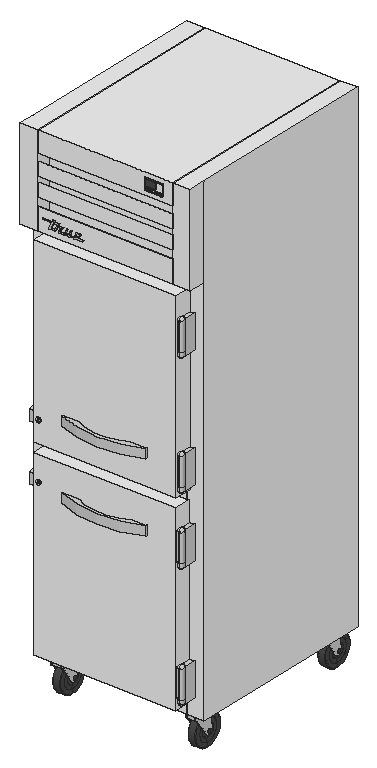
Revit family (continued)
Automatic sketch dimensions
  Revolve 26 sketch curve to Revolve 26 sketch curve = 0.48273"
  Revolve 26 sketch curve to Revolve 26 sketch curve = 0.4"
  Revolve 26 sketch curve to Revolve 26 sketch curve = 0"  (x2)
  Revolve 26 sketch curve to Revolve 26 sketch curve = 0.1"  (x2)
  Revolve 26 sketch curve to Revolve 26 sketch curve = 0.16101"
  Revolve 26 sketch curve to Revolve 26 sketch curve = 0.75408"
  Revolve 26 sketch curve to Revolve 26 sketch curve = 0.92798"
  Revolve 26 sketch curve to Revolve 26 sketch curve = 0.06101"
  Revolve 26 sketch curve to Revolve 26 sketch curve = 1/2"
  Revolve 26 sketch curve to Revolve 26 sketch curve = 0.16509"
  Revolve 26 sketch curve to Revolve 26 sketch curve = 0.39592"
  level to Revolve 26 sketch curve = 2 1/2"
  Revolve 26 sketch curve to Revolve 26 sketch curve = 0.29941"  (x2)
  Revolve 26 sketch curve to Revolve 26 sketch curve = 3/4"  (x4)
  Revolve 26 sketch curve to Revolve 26 sketch curve = 0.59652"
  Revolve 26 sketch curve to Revolve 26 sketch curve = 0.60059"
  Extrusion 27 sketch curve to plane 7 = 0.63926"  (x2)
  Extrusion 27 sketch curve to plane 5 "FRONT" = 3.79864"
  Extrusion 27 sketch curve to Extrusion 27 sketch curve = 1/4"  (x2)
  level to Extrusion 27 sketch curve = 2.18736"  (x2)
  Extrusion 27 sketch curve to Extrusion 27 sketch curve = 1.7492"
  Extrusion 27 sketch curve to Extrusion 27 sketch curve = 0.50669"  (x2)
  Extrusion 27 sketch curve to Extrusion 27 sketch curve = 2 1/2"
  level to Extrusion 27 sketch curve = 2.59003"
  Extrusion 27 sketch curve to Extrusion 27 sketch curve = 0.59966"  (x2)
  plane 1 "BACK" to Extrusion 27 sketch curve = 3.8577"
  plane 1 "BACK" to Extrusion 27 sketch curve = 1.8585"
  plane 1 "BACK" to Extrusion 27 sketch curve = 1.1077"
  Extrusion 27 sketch curve to Extrusion 27 sketch curve = 0.32905"
  Extrusion 27 sketch curve to Extrusion 27 sketch curve = 0.60485"  (x2)
  Extrusion 28 sketch curve to plane 7 = 0.63926"  (x2)
  Extrusion 28 sketch curve to plane 5 "FRONT" = 3.79864"
  Extrusion 28 sketch curve to Extrusion 28 sketch curve = 1/4"  (x2)
  level to Extrusion 28 sketch curve = 2.18736"  (x2)
  Extrusion 28 sketch curve to Extrusion 28 sketch curve = 1.7492"
  Extrusion 28 sketch curve to Extrusion 28 sketch curve = 0.50669"  (x2)
  Extrusion 28 sketch curve to Extrusion 28 sketch curve = 2 1/2"
  level to Extrusion 28 sketch curve = 2.59003"
  Extrusion 28 sketch curve to Extrusion 28 sketch curve = 0.59966"  (x2)
  plane 1 "BACK" to Extrusion 28 sketch curve = 3.8577"
  plane 1 "BACK" to Extrusion 28 sketch curve = 1.8585"
  plane 1 "BACK" to Extrusion 28 sketch curve = 1.1077"
  Extrusion 28 sketch curve to Extrusion 28 sketch curve = 0.32905"
  Extrusion 28 sketch curve to Extrusion 28 sketch curve = 0.60485"  (x2)
  Revolve 29 sketch curve to plane 7 = 0.62954"
  Revolve 29 sketch curve to plane 4 "RIGHT" = 4.14082"
  Revolve 29 sketch curve to Revolve 29 sketch curve = 1.29707"
  Revolve 29 sketch curve to Revolve 29 sketch curve = 0"
  Revolve 29 sketch curve to Revolve 29 sketch curve = 0.10278"
  Revolve 29 sketch curve to plane 7 = 0.00141"
  plane 7 to Revolve 29 sketch curve = 0.26768"
  Revolve 30 sketch curve to level = 0"
  Revolve 30 sketch curve to plane 7 = 0"
  Revolve 30 sketch curve to plane 4 "RIGHT" = 4.17713"
  level to Revolve 30 sketch curve = 1"
  Revolve 30 sketch curve to plane 4 "RIGHT" = 3 19/32"
  Revolve 30 sketch curve to Revolve 30 sketch curve = 1/4"
  Revolve 30 sketch curve to Revolve 30 sketch curve = 1/2"
  Revolve 30 sketch curve to Revolve 30 sketch curve = 0"
  Revolve 30 sketch curve to Revolve 30 sketch curve = 5/8"
  plane 7 to Revolve 30 sketch curve = 1 25/32"
  Revolve 31 sketch curve to level = 0"
  Revolve 31 sketch curve to plane 7 = 0"
  Revolve 31 sketch curve to plane 4 "RIGHT" = 4.17713"
  level to Revolve 31 sketch curve = 1"
  Revolve 31 sketch curve to plane 4 "RIGHT" = 3 19/32"
  Revolve 31 sketch curve to Revolve 31 sketch curve = 1/4"
  Revolve 31 sketch curve to Revolve 31 sketch curve = 1/2"
  Revolve 31 sketch curve to Revolve 31 sketch curve = 0"
  Revolve 31 sketch curve to Revolve 31 sketch curve = 5/8"
  plane 7 to Revolve 31 sketch curve = 1 25/32"
  Revolve 32 sketch curve to plane 7 = 0.62954"
  Revolve 32 sketch curve to plane 4 "RIGHT" = 4.14082"
  Revolve 32 sketch curve to Revolve 32 sketch curve = 1.29707"
  Revolve 32 sketch curve to Revolve 32 sketch curve = 0"
  Revolve 32 sketch curve to Revolve 32 sketch curve = 0.10278"
  Revolve 32 sketch curve to plane 7 = 0.00141"
  plane 7 to Revolve 32 sketch curve = 0.26768"
  Extrusion 33 sketch curve to plane 7 = 0.63926"  (x2)
  Extrusion 33 sketch curve to plane 5 "FRONT" = 3.79864"
  Extrusion 33 sketch curve to Extrusion 33 sketch curve = 1/4"  (x2)
  Extrusion 33 sketch curve to Extrusion 33 sketch curve = 2 1/2"
  Extrusion 33 sketch curve to plane 7 = 0.93273"  (x2)
  Extrusion 33 sketch curve to Extrusion 33 sketch curve = 0.03603"
  plane 1 "BACK" to Extrusion 33 sketch curve = 3.8577"
  Extrusion 33 sketch curve to plane 7 = 1.24411"
  plane 1 "BACK" to Extrusion 33 sketch curve = 1.1077"
  Revolve 34 sketch curve to plane 4 "RIGHT" = 4.35148"
  Revolve 34 sketch curve to Revolve 34 sketch curve = 0.48273"
  Revolve 34 sketch curve to Revolve 34 sketch curve = 0.4"
  Revolve 34 sketch curve to Revolve 34 sketch curve = 0"  (x2)
  Revolve 34 sketch curve to Revolve 34 sketch curve = 0.1"  (x2)
  Revolve 34 sketch curve to Revolve 34 sketch curve = 0.16101"
  Revolve 34 sketch curve to Revolve 34 sketch curve = 0.75408"
  Revolve 34 sketch curve to Revolve 34 sketch curve = 0.92798"
  Revolve 34 sketch curve to Revolve 34 sketch curve = 0.06101"
  Revolve 34 sketch curve to Revolve 34 sketch curve = 1/2"
  Revolve 34 sketch curve to Revolve 34 sketch curve = 0.16509"
  Revolve 34 sketch curve to Revolve 34 sketch curve = 0.39592"
  level to Revolve 34 sketch curve = 2 1/2"
  Revolve 34 sketch curve to Revolve 34 sketch curve = 0.29941"  (x2)
  Revolve 34 sketch curve to Revolve 34 sketch curve = 3/4"  (x4)
  Revolve 34 sketch curve to Revolve 34 sketch curve = 0.59652"
  Revolve 34 sketch curve to Revolve 34 sketch curve = 0.60059"
  plane 3 "LEFT" to Revolve 35 sketch curve = 1.33602"
  Revolve 35 sketch curve to Revolve 35 sketch curve = 0.48273"
  Revolve 35 sketch curve to plane 8 = 5/8"  (x2)
  Revolve 35 sketch curve to Revolve 35 sketch curve = 0.1"  (x2)
  Revolve 35 sketch curve to Revolve 35 sketch curve = 0.16101"
  plane 8 to Revolve 35 sketch curve = 0.12908"
  plane 8 to Revolve 35 sketch curve = 0.46399"
  plane 8 to Revolve 35 sketch curve = 0.525"
  Revolve 35 sketch curve to Revolve 35 sketch curve = 1/2"
  Revolve 35 sketch curve to Revolve 35 sketch curve = 0.16509"
  Revolve 35 sketch curve to Revolve 35 sketch curve = 0.39592"
  level to Revolve 35 sketch curve = 2 1/2"
  Revolve 35 sketch curve to Revolve 35 sketch curve = 0"
  Revolve 35 sketch curve to Revolve 35 sketch curve = 0.29941"  (x2)
  Revolve 35 sketch curve to Revolve 35 sketch curve = 3/4"  (x4)
  Revolve 35 sketch curve to Revolve 35 sketch curve = 0.59652"
  Revolve 35 sketch curve to Revolve 35 sketch curve = 0.60059"
  Extrusion 36 sketch curve to plane 7 = 0.63926"  (x2)
  Extrusion 36 sketch curve to plane 5 "FRONT" = 3.79864"
  Extrusion 36 sketch curve to Extrusion 36 sketch curve = 1/4"  (x2)
  level to Extrusion 36 sketch curve = 2.18736"  (x2)
  Extrusion 36 sketch curve to Extrusion 36 sketch curve = 1.7492"
  Extrusion 36 sketch curve to Extrusion 36 sketch curve = 0.50669"  (x2)
  Extrusion 36 sketch curve to Extrusion 36 sketch curve = 2 1/2"
  level to Extrusion 36 sketch curve = 2.59003"
  Extrusion 36 sketch curve to Extrusion 36 sketch curve = 0.59966"  (x2)
  plane 1 "BACK" to Extrusion 36 sketch curve = 3.8577"
  plane 1 "BACK" to Extrusion 36 sketch curve = 1.8585"
  plane 1 "BACK" to Extrusion 36 sketch curve = 1.1077"
  Extrusion 36 sketch curve to Extrusion 36 sketch curve = 0.32905"
  Extrusion 36 sketch curve to Extrusion 36 sketch curve = 0.60485"  (x2)
  Extrusion 37 sketch curve to plane 7 = 0.63926"  (x2)
  Extrusion 37 sketch curve to plane 5 "FRONT" = 3.79864"
  Extrusion 37 sketch curve to Extrusion 37 sketch curve = 1/4"  (x2)
  level to Extrusion 37 sketch curve = 2.18736"  (x2)
  Extrusion 37 sketch curve to Extrusion 37 sketch curve = 1.7492"
  Extrusion 37 sketch curve to Extrusion 37 sketch curve = 0.50669"  (x2)
  Extrusion 37 sketch curve to Extrusion 37 sketch curve = 2 1/2"
  level to Extrusion 37 sketch curve = 2.59003"
  Extrusion 37 sketch curve to Extrusion 37 sketch curve = 0.59966"  (x2)
  plane 1 "BACK" to Extrusion 37 sketch curve = 3.8577"
  plane 1 "BACK" to Extrusion 37 sketch curve = 1.8585"
  plane 1 "BACK" to Extrusion 37 sketch curve = 1.1077"
  Extrusion 37 sketch curve to Extrusion 37 sketch curve = 0.32905"
  Extrusion 37 sketch curve to Extrusion 37 sketch curve = 0.60485"  (x2)
  Revolve 38 sketch curve to plane 8 = 0"  (x2)
  Revolve 38 sketch curve to plane 7 = 0.62954"
  Revolve 38 sketch curve to plane 8 = 1.29707"
  Revolve 38 sketch curve to Revolve 38 sketch curve = 0.10278"
  Revolve 38 sketch curve to plane 7 = 0.00141"
  plane 7 to Revolve 38 sketch curve = 0.26768"
  Revolve 39 sketch curve to level = 0"
  Revolve 39 sketch curve to plane 8 = 0"  (x2)
  Revolve 39 sketch curve to plane 8 = 1/2"
  Revolve 39 sketch curve to Revolve 39 sketch curve = 1/4"
  Revolve 39 sketch curve to plane 7 = 0"
  Revolve 39 sketch curve to plane 8 = 1.33338"
  level to Revolve 39 sketch curve = 1"
  Revolve 39 sketch curve to Revolve 39 sketch curve = 5/8"
  plane 7 to Revolve 39 sketch curve = 1 25/32"
  Revolve 40 sketch curve to level = 0"
  Revolve 40 sketch curve to plane 8 = 0"  (x2)
  Revolve 40 sketch curve to plane 8 = 1/2"
  Revolve 40 sketch curve to Revolve 40 sketch curve = 1/4"
  Revolve 40 sketch curve to plane 7 = 0"
  Revolve 40 sketch curve to plane 8 = 1.33338"
  level to Revolve 40 sketch curve = 1"
  Revolve 40 sketch curve to Revolve 40 sketch curve = 5/8"
  plane 7 to Revolve 40 sketch curve = 1 25/32"
  Revolve 41 sketch curve to plane 8 = 0"  (x2)
  Revolve 41 sketch curve to plane 7 = 0.62954"
  Revolve 41 sketch curve to plane 8 = 1.29707"
  Revolve 41 sketch curve to Revolve 41 sketch curve = 0.10278"
  Revolve 41 sketch curve to plane 7 = 0.00141"
  plane 7 to Revolve 41 sketch curve = 0.26768"
  Extrusion 42 sketch curve to plane 7 = 0.63926"  (x2)
  Extrusion 42 sketch curve to plane 5 "FRONT" = 3.79864"
  Extrusion 42 sketch curve to Extrusion 42 sketch curve = 1/4"  (x2)
  Extrusion 42 sketch curve to Extrusion 42 sketch curve = 2 1/2"
  Extrusion 42 sketch curve to plane 7 = 0.93273"  (x2)
  Extrusion 42 sketch curve to Extrusion 42 sketch curve = 0.03603"
  plane 1 "BACK" to Extrusion 42 sketch curve = 3.8577"
  Extrusion 42 sketch curve to plane 7 = 1.24411"
  plane 1 "BACK" to Extrusion 42 sketch curve = 1.1077"
  plane 3 "LEFT" to Revolve 43 sketch curve = 1.33602"
  Revolve 43 sketch curve to Revolve 43 sketch curve = 0.48273"
  Revolve 43 sketch curve to plane 8 = 5/8"  (x2)
  Revolve 43 sketch curve to Revolve 43 sketch curve = 0.1"  (x2)
  Revolve 43 sketch curve to Revolve 43 sketch curve = 0.16101"
  plane 8 to Revolve 43 sketch curve = 0.12908"
  plane 8 to Revolve 43 sketch curve = 0.46399"
  plane 8 to Revolve 43 sketch curve = 0.525"
  Revolve 43 sketch curve to Revolve 43 sketch curve = 1/2"
  Revolve 43 sketch curve to Revolve 43 sketch curve = 0.16509"
  Revolve 43 sketch curve to Revolve 43 sketch curve = 0.39592"
  level to Revolve 43 sketch curve = 2 1/2"
  Revolve 43 sketch curve to Revolve 43 sketch curve = 0"
  Revolve 43 sketch curve to Revolve 43 sketch curve = 0.29941"  (x2)
  Revolve 43 sketch curve to Revolve 43 sketch curve = 3/4"  (x4)
  Revolve 43 sketch curve to Revolve 43 sketch curve = 0.59652"
  Revolve 43 sketch curve to Revolve 43 sketch curve = 0.60059"
  plane 5 "FRONT" to Extrusion 44 sketch curve = 0"
  Extrusion 44 sketch curve to plane 8 = 21/32"
  Extrusion 44 sketch curve to plane 4 "RIGHT" = 2 11/32"
  Extrusion 45 sketch curve to plane 8 = 0"
  Extrusion 45 sketch curve to plane 5 "FRONT" = 5.09023"
  Extrusion 46 sketch curve to plane 8 = 0"
  plane 1 "BACK" to Extrusion 46 sketch curve = 2.69102"
  Extrusion 47 sketch curve to plane 4 "RIGHT" = 2 27/32"
  plane 1 "BACK" to Extrusion 47 sketch curve = 2.69102"
  Extrusion 48 sketch curve to plane 4 "RIGHT" = 2 27/32"
  Extrusion 48 sketch curve to plane 5 "FRONT" = 5.09023"
  plane 8 to Extrusion 49 sketch curve = 0.1984"
  plane 8 to Extrusion 49 sketch curve = 7/32"
  Extrusion 49 sketch curve to Extrusion 49 sketch curve = 0.0555"
  plane 7 to Extrusion 49 sketch curve = 26.91365"
  Extrusion 49 sketch curve to Extrusion 49 sketch curve = 0.27385"
  Extrusion 49 sketch curve to Extrusion 49 sketch curve = 0.29355"
  Blend 50 sketch curve to plane 8 = 9/16"  (x2)
  Blend 50 sketch curve to Blend 50 sketch curve = 3/4"
  plane 7 to Blend 50 sketch curve = 28.00831"
  Blend 50 sketch curve to Blend 50 sketch curve = 1 3/4"
  Blend 50 sketch curve to Blend 50 sketch curve = 0.93223"
  plane 7 to Blend 50 sketch curve = 28.6059"
  Blend 50 sketch curve to Blend 50 sketch curve = 2.78233"
  plane 5 "FRONT" to Extrusion 51 sketch curve = 0"  (x2)
  plane 8 to Extrusion 51 sketch curve = 4.05938"
  Extrusion 51 sketch curve to Extrusion 51 sketch curve = 2.4"  (x2)
  plane 8 to Extrusion 51 sketch curve = 10 55/64"
  Extrusion 51 sketch curve to Extrusion 51 sketch curve = 0"
  Extrusion 51 sketch curve to Extrusion 51 sketch curve = 0.2"
  Extrusion 51 sketch curve to plane 5 "FRONT" = 7.77899"
  Extrusion 51 sketch curve to Extrusion 51 sketch curve = 7.30945"
  plane 5 "FRONT" to Extrusion 52 sketch curve = 0"
  Extrusion 52 sketch curve to plane 8 = 21/32"
  Extrusion 52 sketch curve to plane 4 "RIGHT" = 2 11/32"
  radius of Extrusion 8 sketch curve = 0.35"
  radius of Extrusion 12 sketch curve = 1/4"
  radius of Extrusion 45 sketch curve = 1 1/2"
  radius of Extrusion 46 sketch curve = 1 1/2"
  radius of Extrusion 47 sketch curve = 1 1/2"
  radius of Extrusion 48 sketch curve = 1 1/2"
  radius of Extrusion 49 sketch curve = 0.35"
Connectors (in)
  electrical at (24.25, -0.0625, 82), driven by "Volts", driven by "Watts"
    settings: on Extrusion 12, index 1, voltage 208 V, apparent load 1500 VA, apparent load phase1 0 VA, apparent load phase2 0 VA, apparent load phase3 0 VA, power factor 1, load classification "Other", number of poles 1, system type 30, power factor state 1, is connector primary yes, connector utility no, sub classification motor no, connector description "Electrical Connection"
